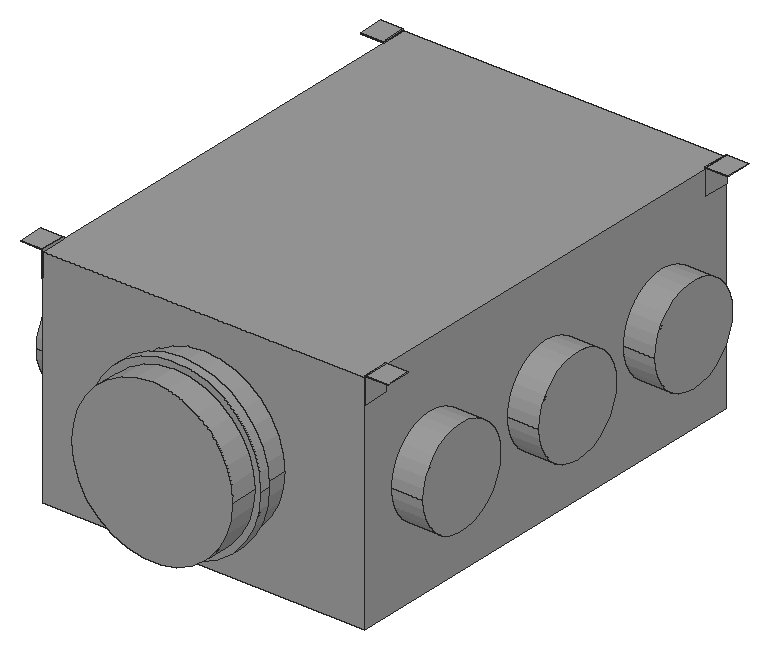
Revit family "FASU(F8-150 250Φ)", category ダクト付属品, Revit 2022
Family settings
  丸型コネクタ寸法 = 直径を使用
  パーツ タイプ = ダンパー
  OmniClass 番号 = 23.75.00.00
  OmniClass タイトル = Climate Control (HVAC)
  作業面ベース = いいえ
  常に垂直 = はい
  ロード時にボイドで切り取り = いいえ
  共有 = いいえ
Parameters
  高さ = 350 mm
  風量 = 0.0 L/s
  符号 = "FASU"
  形式 = "F8-150 250φ"
  幅 [instance] = 500 mm
  奥行き = 700 mm
  大きさ = 250 mm
  呼称 = "FASUチャンバー"
  付属品_下端レベル [instance] = 0 mm
  マテリアル [instance] = 既定値
  ダクト_イン = 250 mm
  ダクト_アウト = 150 mm
  既定の高さ = 0 mm
Reference planes
  plane 1 "中心(正面/背面)": y = 0
  plane 2: z = 0
  plane 3 "中心(左/右)": x = 0
  plane 4: x = -250
  plane 5: x = 250
  plane 6: y = -700
  plane 7: z = 350
  plane 8: z = 175
  plane 9: z = 266.963
  plane 10: z = 86.159
  plane 11: x = -251
  plane 12: z = 313.122
  plane 13: z = 352.122
  plane 14: y = -350
Forms (mm)
  Extrusion 1, solid, material "既定値" <- "マテリアル"
    sketch origin (0, 0, 0) x (1, 0, 0) y (0, 1, 0)
      loop
        line (-250, 0) -> (-250, -700) -> (250, -700) -> (250, 0) -> (-250, 0)
    from 0 to 350
  Extrusion 2, solid, material "既定値" <- "マテリアル"
    sketch origin (0, -30, 0) x (1, 0, 0) y (0, 1, 0)
      loop
        line (-250, 30) -> (-251, 30) -> (-251, -10) -> (-250, -10) -> (-250, 30)
    from 313.122 to 350
  Extrusion 3, solid, material "既定値" <- "マテリアル"
    sketch origin (0, -30, 0) x (1, 0, 0) y (0, 1, 0)
      loop
        line (-285, 30) -> (-285, -10) -> (-251, -10) -> (-251, 30) -> (-285, 30)
    from 352.122 to 350
  Extrusion 4, solid, material "既定値" <- "マテリアル"
    sketch origin (0, -30, 0) x (-1, 0, 0) y (0, -1, 0)
      loop
        line (-250, -30) -> (-250, 10) -> (-251, 10) -> (-251, -30) -> (-250, -30)
    from 313.122 to 353.122
  Extrusion 5, solid, material "既定値" <- "マテリアル"
    sketch origin (0, -30, 0) x (-1, 0, 0) y (0, -1, 0)
      loop
        line (-285, -30) -> (-251, -30) -> (-251, 10) -> (-285, 10) -> (-285, -30)
    from 352.122 to 353.122
  Extrusion 6, solid, material "既定値" <- "マテリアル"
    sketch origin (0, -490, 0) x (1, 0, 0) y (0, 1, 0)
      loop
        line (-285, -170) -> (-285, -210) -> (-251, -210) -> (-251, -170) -> (-285, -170)
    from 352.122 to 353.122
  Extrusion 7, solid, material "既定値" <- "マテリアル"
    sketch origin (0, -490, 0) x (1, 0, 0) y (0, 1, 0)
      loop
        line (-250, -170) -> (-251, -170) -> (-251, -210) -> (-250, -210) -> (-250, -170)
    from 313.122 to 353.122
  Extrusion 8, solid, material "既定値" <- "マテリアル"
    sketch origin (0, -490, 0) x (-1, 0, 0) y (0, -1, 0)
      loop
        line (-285, 170) -> (-251, 170) -> (-251, 210) -> (-285, 210) -> (-285, 170)
    from 352.122 to 353.122
  Extrusion 9, solid, material "既定値" <- "マテリアル"
    sketch origin (0, -490, 0) x (-1, 0, 0) y (0, -1, 0)
      loop
        line (-250, 170) -> (-250, 210) -> (-251, 210) -> (-251, 170) -> (-250, 170)
    from 313.122 to 353.122
  Extrusion 10, solid, material "既定値" <- "マテリアル"
    sketch origin (550, -582.5, 0) x (0, -1, 0) y (0, 0, -1)
      loop
        circle (-232.5, -175) r 74.985
    from -300 to -250
  Extrusion 11, solid, material "既定値" <- "マテリアル"
    sketch origin (-550, -582.5, 0) x (0, -1, 0) y (0, 0, 1)
      loop
        circle (-232.5, 175) r 74.985
    from -300 to -250
  Extrusion 12, solid, material "既定値" <- "マテリアル"
    sketch origin (550, -357.5, 0) x (0, -1, 0) y (0, 0, -1)
      loop
        circle (-232.5, -175) r 74.985
    from -300 to -250
  Extrusion 13, solid, material "既定値" <- "マテリアル"
    sketch origin (-550, -357.5, 0) x (0, -1, 0) y (0, 0, 1)
      loop
        circle (-232.5, 175) r 74.985
    from -300 to -250
  Extrusion 14, solid, material "既定値" <- "マテリアル"
    sketch origin (550, -142.5, 0) x (0, 1, 0) y (0, 0, 1)
      loop
        circle (-432.5, 175) r 74.985
    from -300 to -250
  Extrusion 15, solid, material "既定値" <- "マテリアル"
    sketch origin (0, -142.5, 0) x (0, 1, 0) y (0, 0, 1)
      loop
        circle (-432.5, 175) r 74.985
    from -300 to -250
  Extrusion 16, solid, material "既定値" <- "マテリアル"
    sketch origin (345.5, 300, 0) x (1, 0, 0) y (0, 0, -1)
      loop
        circle (-232.5, -175) r 74.985
    from -300 to -250
  Extrusion 17, solid, material "既定値" <- "マテリアル"
    sketch origin (-345.5, 300, 0) x (-1, 0, 0) y (0, 0, 1)
      loop
        circle (-232.5, 175) r 74.985
    from -300 to -250
  Extrusion 18, solid, material "既定値" <- "マテリアル"
    sketch origin (0, -230, 0) x (1, 0, 0) y (0, 0, 1)
      loop
        circle (0, 175) r 125
    from 470 to 512.5
  Extrusion 19, solid, material "既定値" <- "マテリアル"
    sketch origin (0, -230, 0) x (1, 0, 0) y (0, 0, 1)
      loop
        circle (0, 175) r 135
    from 512.5 to 527.5
  Extrusion 20, solid, material "既定値" <- "マテリアル"
    sketch origin (0, -317.5, 0) x (1, 0, 0) y (0, 0, 1)
      loop
        circle (0, 175) r 125
    from 440 to 482.5
Lines and regions (mm)
  model lines
    curve 1: line (-250, -30, 0) -> (250, -30, 0)
    curve 2: line (-250, -670, 0) -> (250, -670, 0)
Text (mm)
  text "FASU(F8-150 250Φ)" at (3.713, -630.412, 0), in view "参照レベル"
Dimensions and locks
  equal spacing: plane 4, plane 3 "中心(左/右)", plane 5
  "幅": plane 4 to plane 5
  "奥行き": plane 6 to plane 1 "中心(正面/背面)"
  "高さ": plane 7 to level
  equal spacing: plane 7, plane 8, level
  equal spacing: plane 6, plane 14, plane 1 "中心(正面/背面)"
  aligned and locked: level to plane 2
  aligned and locked: Extrusion 1 sketch curve to plane 5
  aligned and locked: plane 7 to Extrusion 1
  aligned and locked: Extrusion 2 sketch curve to Extrusion 1
  aligned and locked: plane 7 to Extrusion 2
  aligned and locked: Extrusion 3 sketch curve to Extrusion 2
  aligned and locked: Extrusion 2 to Extrusion 3 sketch curve
  aligned and locked: plane 7 to Extrusion 3
  aligned and locked: Extrusion 3 to plane 13
  aligned and locked: Extrusion 4 to Extrusion 5 sketch curve
  aligned and locked: Extrusion 5 sketch curve to Extrusion 4
  aligned and locked: Extrusion 1 to Extrusion 8
  aligned and locked: Extrusion 6 to Extrusion 1
  aligned and locked: Extrusion 7 to Extrusion 1
  aligned and locked: Extrusion 1 to Extrusion 9
  aligned and locked: Extrusion 9 to Extrusion 8
  aligned and locked: Extrusion 7 to Extrusion 6
  aligned and locked: plane 4 to Extrusion 7
  aligned and locked: Extrusion 9 to plane 5
  aligned and locked: plane 4 to curve 1
  aligned and locked: plane 5 to curve 1
  aligned and locked: plane 5 to curve 2
  aligned and locked: Extrusion 1 to Extrusion 3
  aligned and locked: Extrusion 5 to Extrusion 1
  aligned and locked: Extrusion 4 to plane 5
  aligned and locked: Extrusion 1 to plane 6
  aligned and locked: Extrusion 1 to plane 1 "中心(正面/背面)"
  aligned and locked: Extrusion 12 to plane 5
  aligned and locked: plane 4 to Extrusion 13
  aligned and locked: Extrusion 14 to plane 5
  aligned and locked: plane 4 to Extrusion 15
  aligned and locked: plane 1 "中心(正面/背面)" to Extrusion 16
  aligned and locked: plane 1 "中心(正面/背面)" to Extrusion 17
  aligned and locked: Extrusion 19 to Extrusion 20
  aligned and locked: Extrusion 19 to Extrusion 18
  aligned and locked: plane 6 to Extrusion 18
Automatic sketch dimensions
  Extrusion 10 sketch curve to plane 8 = 0 mm
  Extrusion 10 sketch curve to plane 14 = 0 mm
  Extrusion 11 sketch curve to plane 8 = 0 mm
  Extrusion 11 sketch curve to plane 14 = 0 mm
  Extrusion 16 sketch curve to plane 8 = 0 mm
  plane 3 "中心(左/右)" to Extrusion 16 sketch curve = 113 mm
  Extrusion 17 sketch curve to plane 8 = 0 mm
  Extrusion 17 sketch curve to plane 3 "中心(左/右)" = 113 mm
  curve 2 to plane 4 = 0 mm
  plane 6 to curve 2 = 30 mm
  plane 1 "中心(正面/背面)" to curve 1 = 30 mm
  Extrusion 1 sketch curve to plane 4 = 0 mm
  Extrusion 1 sketch curve to plane 6 = 0 mm
  plane 1 "中心(正面/背面)" to Extrusion 1 sketch curve = 0 mm
  plane 1 "中心(正面/背面)" to Extrusion 2 sketch curve = 0 mm
  Extrusion 2 sketch curve to plane 11 = 0 mm
  Extrusion 2 sketch curve to Extrusion 2 sketch curve = 40 mm
  plane 1 "中心(正面/背面)" to Extrusion 3 sketch curve = 0 mm
  Extrusion 3 sketch curve to Extrusion 3 sketch curve = 34 mm
  plane 1 "中心(正面/背面)" to Extrusion 4 sketch curve = 0 mm
  Extrusion 4 sketch curve to plane 5 = 0 mm
  Extrusion 4 sketch curve to Extrusion 4 sketch curve = 1 mm
  Extrusion 4 sketch curve to Extrusion 4 sketch curve = 40 mm
  plane 1 "中心(正面/背面)" to Extrusion 5 sketch curve = 0 mm
  Extrusion 5 sketch curve to Extrusion 5 sketch curve = 34 mm
  Extrusion 6 sketch curve to plane 6 = 0 mm
  Extrusion 6 sketch curve to plane 11 = 0 mm
  Extrusion 6 sketch curve to plane 11 = 34 mm
  plane 6 to Extrusion 6 sketch curve = 40 mm
  Extrusion 7 sketch curve to plane 11 = 0 mm
  Extrusion 7 sketch curve to plane 4 = 0 mm
  Extrusion 7 sketch curve to plane 6 = 0 mm
  plane 6 to Extrusion 7 sketch curve = 40 mm
  Extrusion 8 sketch curve to plane 6 = 0 mm
  Extrusion 8 sketch curve to plane 5 = 35 mm
  Extrusion 8 sketch curve to plane 5 = 1 mm
  Extrusion 8 sketch curve to Extrusion 8 sketch curve = 40 mm
  Extrusion 9 sketch curve to plane 6 = 0 mm
  Extrusion 9 sketch curve to plane 5 = 0 mm
  Extrusion 9 sketch curve to Extrusion 9 sketch curve = 1 mm
  Extrusion 9 sketch curve to Extrusion 9 sketch curve = 40 mm
  Extrusion 12 sketch curve to plane 8 = 0 mm
  plane 1 "中心(正面/背面)" to Extrusion 12 sketch curve = 125 mm
  Extrusion 13 sketch curve to plane 8 = 0 mm
  plane 1 "中心(正面/背面)" to Extrusion 13 sketch curve = 125 mm
  Extrusion 14 sketch curve to plane 8 = 0 mm
  plane 6 to Extrusion 14 sketch curve = 125 mm
  Extrusion 15 sketch curve to plane 8 = 0 mm
  plane 6 to Extrusion 15 sketch curve = 125 mm
  Extrusion 18 sketch curve to plane 3 "中心(左/右)" = 0 mm
  Extrusion 18 sketch curve to plane 8 = 0 mm
  Extrusion 19 sketch curve to plane 3 "中心(左/右)" = 0 mm
  Extrusion 19 sketch curve to plane 8 = 0 mm
  Extrusion 20 sketch curve to plane 3 "中心(左/右)" = 0 mm
  Extrusion 20 sketch curve to plane 8 = 0 mm
  radius of Extrusion 10 sketch curve = 74.985 mm
  radius of Extrusion 11 sketch curve = 74.985 mm
  radius of Extrusion 16 sketch curve = 74.985 mm
  radius of Extrusion 17 sketch curve = 74.985 mm
  radius of Extrusion 12 sketch curve = 74.985 mm
  radius of Extrusion 13 sketch curve = 74.985 mm
  radius of Extrusion 14 sketch curve = 74.985 mm
  radius of Extrusion 15 sketch curve = 74.985 mm
  radius of Extrusion 18 sketch curve = 125 mm
  radius of Extrusion 19 sketch curve = 135 mm
  radius of Extrusion 20 sketch curve = 125 mm
Connectors
  hvac at (-300, -575, 175), driven by "ダクト_アウト"
    settings: on Extrusion 15, index 1, duct flow 0.0 L/s, flow factor 0, pres drop 0.0 Pa, loss coef 0, conn angle 0.00°, conn width 304.8 mm, conn height 304.8 mm, conn diameter 150 mm, duct sys type 29, conn prof type 0, flow config 0, flow direction 2, loss method 0, conn ref index -1, conn util no, is conn primary yes, conn desc ""
  hvac at (-300, -350, 175), driven by "ダクト_アウト"
    settings: on Extrusion 11, index 2, duct flow 0.0 L/s, flow factor 0, pres drop 0.0 Pa, loss coef 0, conn angle 0.00°, conn width 304.8 mm, conn height 304.8 mm, conn diameter 150 mm, duct sys type 29, conn prof type 0, flow config 0, flow direction 2, loss method 0, conn ref index -1, conn util no, is conn primary no, conn desc ""
  hvac at (-300, -125, 175), driven by "ダクト_アウト"
    settings: on Extrusion 13, index 3, duct flow 0.0 L/s, flow factor 0, pres drop 0.0 Pa, loss coef 0, conn angle 0.00°, conn width 304.8 mm, conn height 304.8 mm, conn diameter 150 mm, duct sys type 29, conn prof type 0, flow config 0, flow direction 2, loss method 0, conn ref index -1, conn util no, is conn primary no, conn desc ""
  hvac at (-113, 50, 175), driven by "ダクト_アウト"
    settings: on Extrusion 17, index 4, duct flow 0.0 L/s, flow factor 0, pres drop 0.0 Pa, loss coef 0, conn angle 0.00°, conn width 304.8 mm, conn height 304.8 mm, conn diameter 150 mm, duct sys type 29, conn prof type 0, flow config 0, flow direction 2, loss method 0, conn ref index -1, conn util no, is conn primary no, conn desc ""
  hvac at (113, 50, 175), driven by "ダクト_アウト"
    settings: on Extrusion 16, index 5, duct flow 0.0 L/s, flow factor 0, pres drop 0.0 Pa, loss coef 0, conn angle 0.00°, conn width 304.8 mm, conn height 304.8 mm, conn diameter 150 mm, duct sys type 29, conn prof type 0, flow config 0, flow direction 2, loss method 0, conn ref index -1, conn util no, is conn primary no, conn desc ""
  hvac at (300, -125, 175), driven by "ダクト_アウト"
    settings: on Extrusion 12, index 6, duct flow 0.0 L/s, flow factor 0, pres drop 0.0 Pa, loss coef 0, conn angle 0.00°, conn width 304.8 mm, conn height 304.8 mm, conn diameter 150 mm, duct sys type 29, conn prof type 0, flow config 0, flow direction 2, loss method 0, conn ref index -1, conn util no, is conn primary no, conn desc ""
  hvac at (300, -350, 175), driven by "ダクト_アウト"
    settings: on Extrusion 10, index 7, duct flow 0.0 L/s, flow factor 0, pres drop 0.0 Pa, loss coef 0, conn angle 0.00°, conn width 304.8 mm, conn height 304.8 mm, conn diameter 150 mm, duct sys type 29, conn prof type 0, flow config 0, flow direction 2, loss method 0, conn ref index -1, conn util no, is conn primary no, conn desc ""
  hvac at (300, -575, 175), driven by "ダクト_アウト"
    settings: on Extrusion 14, index 8, duct flow 0.0 L/s, flow factor 0, pres drop 0.0 Pa, loss coef 0, conn angle 0.00°, conn width 304.8 mm, conn height 304.8 mm, conn diameter 150 mm, duct sys type 29, conn prof type 0, flow config 0, flow direction 2, loss method 0, conn ref index -1, conn util no, is conn primary no, conn desc ""
  hvac at (0, -800, 175), driven by "ダクト_イン"
    settings: on Extrusion 20, index 18, duct flow 0.0 L/s, flow factor 0, pres drop 0.0 Pa, loss coef 0, conn angle 0.00°, conn width 304.8 mm, conn height 304.8 mm, conn diameter 250 mm, duct sys type 29, conn prof type 0, flow config 0, flow direction 1, loss method 0, conn ref index -1, conn util no, is conn primary no, conn desc ""
